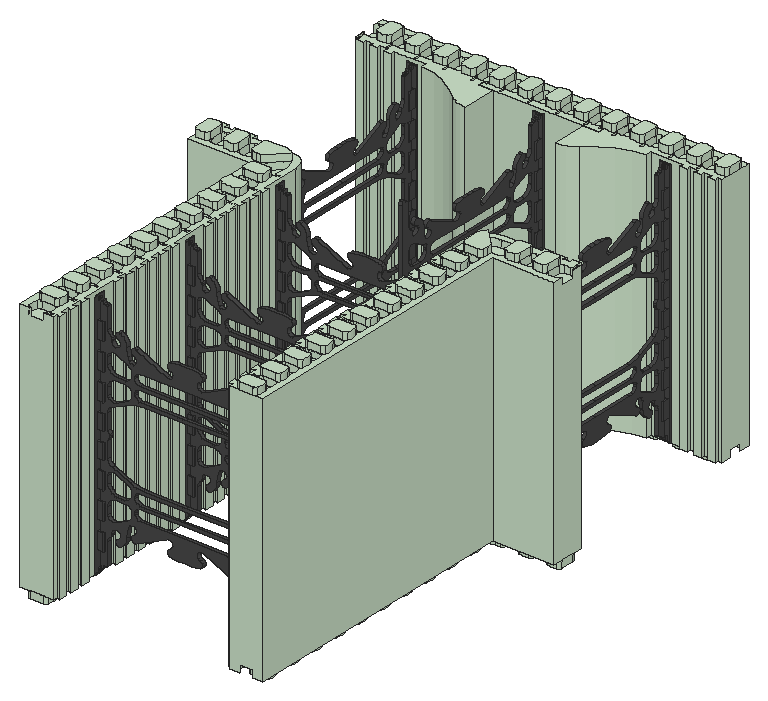
Revit family (continued)
Forms (mm)
  Extrusion 53, void
    sketch origin (1016.001, -152.423, 0) x (0, 1, 0) y (-1, 0, 0)
      loop
        arc (-130.453, 639.396) -> (-128.147, 636.215) -> (-124.411, 635) r 6.35
        line (-124.411, 635) -> (-101.014, 635)
        arc (-101.014, 635) -> (-97.278, 636.215) -> (-94.972, 639.396) r 6.35
        arc (-94.972, 639.396) -> (-93.737, 645.691) -> (-94.024, 652.1) r 26.988
        arc (-94.024, 652.1) -> (-93.668, 653.385) -> (-92.457, 653.946) r 1.588
        line (-92.457, 653.946) -> (-86.829, 653.946) -> (-86.829, 658.285) -> (-95.62, 658.285)
        arc (-95.62, 658.285) -> (-96.199, 658.394) -> (-96.698, 658.708) r 1.588
        arc (-96.698, 658.708) -> (-98.696, 659.961) -> (-101.014, 660.4) r 6.35
        line (-101.014, 660.4) -> (-124.411, 660.4)
        arc (-124.411, 660.4) -> (-128.147, 659.184) -> (-130.453, 656.003) r 6.35
        arc (-130.453, 656.003) -> (-131.763, 647.7) -> (-130.453, 639.396) r 26.987
    from 0 to 12.7
  Extrusion 54, void
    sketch origin (406.401, -0.024, 0) x (0, -1, 0) y (1, 0, 0)
      loop
        arc (-130.453, -639.396) -> (-131.763, -647.7) -> (-130.453, -656.003) r 26.987
        arc (-130.453, -656.003) -> (-128.147, -659.184) -> (-124.411, -660.4) r 6.35
        line (-124.411, -660.4) -> (-101.014, -660.4)
        arc (-101.014, -660.4) -> (-98.696, -659.961) -> (-96.698, -658.708) r 6.35
        arc (-96.698, -658.708) -> (-96.199, -658.394) -> (-95.62, -658.285) r 1.588
        line (-95.62, -658.285) -> (-86.829, -658.285) -> (-86.829, -653.946) -> (-92.457, -653.946)
        arc (-92.457, -653.946) -> (-93.668, -653.385) -> (-94.024, -652.1) r 1.588
        arc (-94.024, -652.1) -> (-93.737, -645.691) -> (-94.972, -639.396) r 26.988
        arc (-94.972, -639.396) -> (-97.278, -636.215) -> (-101.014, -635) r 6.35
        line (-101.014, -635) -> (-124.411, -635)
        arc (-124.411, -635) -> (-128.147, -636.215) -> (-130.453, -639.396) r 6.35
    from 457.2 to 444.5
  Extrusion 55, void
    sketch origin (457.201, -0.024, 0) x (0, -1, 0) y (1, 0, 0)
      loop
        arc (-130.453, -639.396) -> (-131.763, -647.7) -> (-130.453, -656.003) r 26.987
        arc (-130.453, -656.003) -> (-128.147, -659.184) -> (-124.411, -660.4) r 6.35
        line (-124.411, -660.4) -> (-101.014, -660.4)
        arc (-101.014, -660.4) -> (-98.696, -659.961) -> (-96.698, -658.708) r 6.35
        arc (-96.698, -658.708) -> (-96.199, -658.394) -> (-95.62, -658.285) r 1.588
        line (-95.62, -658.285) -> (-86.829, -658.285) -> (-86.829, -653.946) -> (-92.457, -653.946)
        arc (-92.457, -653.946) -> (-93.668, -653.385) -> (-94.024, -652.1) r 1.588
        arc (-94.024, -652.1) -> (-93.737, -645.691) -> (-94.972, -639.396) r 26.988
        arc (-94.972, -639.396) -> (-97.278, -636.215) -> (-101.014, -635) r 6.35
        line (-101.014, -635) -> (-124.411, -635)
        arc (-124.411, -635) -> (-128.147, -636.215) -> (-130.453, -639.396) r 6.35
    from 457.2 to 444.5
  Extrusion 56, void
    sketch origin (508.001, -0.024, 0) x (0, -1, 0) y (1, 0, 0)
      loop
        arc (-130.453, -639.396) -> (-131.763, -647.7) -> (-130.453, -656.003) r 26.987
        arc (-130.453, -656.003) -> (-128.147, -659.184) -> (-124.411, -660.4) r 6.35
        line (-124.411, -660.4) -> (-101.014, -660.4)
        arc (-101.014, -660.4) -> (-98.696, -659.961) -> (-96.698, -658.708) r 6.35
        arc (-96.698, -658.708) -> (-96.199, -658.394) -> (-95.62, -658.285) r 1.588
        line (-95.62, -658.285) -> (-86.829, -658.285) -> (-86.829, -653.946) -> (-92.457, -653.946)
        arc (-92.457, -653.946) -> (-93.668, -653.385) -> (-94.024, -652.1) r 1.588
        arc (-94.024, -652.1) -> (-93.737, -645.691) -> (-94.972, -639.396) r 26.988
        arc (-94.972, -639.396) -> (-97.278, -636.215) -> (-101.014, -635) r 6.35
        line (-101.014, -635) -> (-124.411, -635)
        arc (-124.411, -635) -> (-128.147, -636.215) -> (-130.453, -639.396) r 6.35
    from 457.2 to 444.5
  Extrusion 57, void
    sketch origin (558.801, -0.024, 0) x (0, -1, 0) y (1, 0, 0)
      loop
        arc (-130.453, -639.396) -> (-131.763, -647.7) -> (-130.453, -656.003) r 26.987
        arc (-130.453, -656.003) -> (-128.147, -659.184) -> (-124.411, -660.4) r 6.35
        line (-124.411, -660.4) -> (-101.014, -660.4)
        arc (-101.014, -660.4) -> (-98.696, -659.961) -> (-96.698, -658.708) r 6.35
        arc (-96.698, -658.708) -> (-96.199, -658.394) -> (-95.62, -658.285) r 1.588
        line (-95.62, -658.285) -> (-86.829, -658.285) -> (-86.829, -653.946) -> (-92.457, -653.946)
        arc (-92.457, -653.946) -> (-93.668, -653.385) -> (-94.024, -652.1) r 1.588
        arc (-94.024, -652.1) -> (-93.737, -645.691) -> (-94.972, -639.396) r 26.988
        arc (-94.972, -639.396) -> (-97.278, -636.215) -> (-101.014, -635) r 6.35
        line (-101.014, -635) -> (-124.411, -635)
        arc (-124.411, -635) -> (-128.147, -636.215) -> (-130.453, -639.396) r 6.35
    from 457.2 to 444.5
  Extrusion 58, void
    sketch origin (609.601, -0.024, 0) x (0, -1, 0) y (1, 0, 0)
      loop
        arc (-130.453, -639.396) -> (-131.763, -647.7) -> (-130.453, -656.003) r 26.987
        arc (-130.453, -656.003) -> (-128.147, -659.184) -> (-124.411, -660.4) r 6.35
        line (-124.411, -660.4) -> (-101.014, -660.4)
        arc (-101.014, -660.4) -> (-98.696, -659.961) -> (-96.698, -658.708) r 6.35
        arc (-96.698, -658.708) -> (-96.199, -658.394) -> (-95.62, -658.285) r 1.588
        line (-95.62, -658.285) -> (-86.829, -658.285) -> (-86.829, -653.946) -> (-92.457, -653.946)
        arc (-92.457, -653.946) -> (-93.668, -653.385) -> (-94.024, -652.1) r 1.588
        arc (-94.024, -652.1) -> (-93.737, -645.691) -> (-94.972, -639.396) r 26.988
        arc (-94.972, -639.396) -> (-97.278, -636.215) -> (-101.014, -635) r 6.35
        line (-101.014, -635) -> (-124.411, -635)
        arc (-124.411, -635) -> (-128.147, -636.215) -> (-130.453, -639.396) r 6.35
    from 457.2 to 444.5
  Extrusion 59, void
    sketch origin (762.001, -0.024, 0) x (0, -1, 0) y (1, 0, 0)
      loop
        arc (-130.453, -639.396) -> (-131.763, -647.7) -> (-130.453, -656.003) r 26.987
        arc (-130.453, -656.003) -> (-128.147, -659.184) -> (-124.411, -660.4) r 6.35
        line (-124.411, -660.4) -> (-101.014, -660.4)
        arc (-101.014, -660.4) -> (-98.696, -659.961) -> (-96.698, -658.708) r 6.35
        arc (-96.698, -658.708) -> (-96.199, -658.394) -> (-95.62, -658.285) r 1.588
        line (-95.62, -658.285) -> (-86.829, -658.285) -> (-86.829, -653.946) -> (-92.457, -653.946)
        arc (-92.457, -653.946) -> (-93.668, -653.385) -> (-94.024, -652.1) r 1.588
        arc (-94.024, -652.1) -> (-93.737, -645.691) -> (-94.972, -639.396) r 26.988
        arc (-94.972, -639.396) -> (-97.278, -636.215) -> (-101.014, -635) r 6.35
        line (-101.014, -635) -> (-124.411, -635)
        arc (-124.411, -635) -> (-128.147, -636.215) -> (-130.453, -639.396) r 6.35
    from 457.2 to 444.5
  Extrusion 60, void
    sketch origin (812.801, -0.024, 0) x (0, -1, 0) y (1, 0, 0)
      loop
        arc (-130.453, -639.396) -> (-131.763, -647.7) -> (-130.453, -656.003) r 26.987
        arc (-130.453, -656.003) -> (-128.147, -659.184) -> (-124.411, -660.4) r 6.35
        line (-124.411, -660.4) -> (-101.014, -660.4)
        arc (-101.014, -660.4) -> (-98.696, -659.961) -> (-96.698, -658.708) r 6.35
        arc (-96.698, -658.708) -> (-96.199, -658.394) -> (-95.62, -658.285) r 1.588
        line (-95.62, -658.285) -> (-86.829, -658.285) -> (-86.829, -653.946) -> (-92.457, -653.946)
        arc (-92.457, -653.946) -> (-93.668, -653.385) -> (-94.024, -652.1) r 1.588
        arc (-94.024, -652.1) -> (-93.737, -645.691) -> (-94.972, -639.396) r 26.988
        arc (-94.972, -639.396) -> (-97.278, -636.215) -> (-101.014, -635) r 6.35
        line (-101.014, -635) -> (-124.411, -635)
        arc (-124.411, -635) -> (-128.147, -636.215) -> (-130.453, -639.396) r 6.35
    from 457.2 to 444.5
  Extrusion 61, void
    sketch origin (863.601, -0.024, 0) x (0, -1, 0) y (1, 0, 0)
      loop
        arc (-130.453, -639.396) -> (-131.763, -647.7) -> (-130.453, -656.003) r 26.987
        arc (-130.453, -656.003) -> (-128.147, -659.184) -> (-124.411, -660.4) r 6.35
        line (-124.411, -660.4) -> (-101.014, -660.4)
        arc (-101.014, -660.4) -> (-98.696, -659.961) -> (-96.698, -658.708) r 6.35
        arc (-96.698, -658.708) -> (-96.199, -658.394) -> (-95.62, -658.285) r 1.588
        line (-95.62, -658.285) -> (-86.829, -658.285) -> (-86.829, -653.946) -> (-92.457, -653.946)
        arc (-92.457, -653.946) -> (-93.668, -653.385) -> (-94.024, -652.1) r 1.588
        arc (-94.024, -652.1) -> (-93.737, -645.691) -> (-94.972, -639.396) r 26.988
        arc (-94.972, -639.396) -> (-97.278, -636.215) -> (-101.014, -635) r 6.35
        line (-101.014, -635) -> (-124.411, -635)
        arc (-124.411, -635) -> (-128.147, -636.215) -> (-130.453, -639.396) r 6.35
    from 457.2 to 444.5
  Extrusion 62, void
    sketch origin (914.401, -0.024, 0) x (0, -1, 0) y (1, 0, 0)
      loop
        arc (-130.453, -639.396) -> (-131.763, -647.7) -> (-130.453, -656.003) r 26.987
        arc (-130.453, -656.003) -> (-128.147, -659.184) -> (-124.411, -660.4) r 6.35
        line (-124.411, -660.4) -> (-101.014, -660.4)
        arc (-101.014, -660.4) -> (-98.696, -659.961) -> (-96.698, -658.708) r 6.35
        arc (-96.698, -658.708) -> (-96.199, -658.394) -> (-95.62, -658.285) r 1.588
        line (-95.62, -658.285) -> (-86.829, -658.285) -> (-86.829, -653.946) -> (-92.457, -653.946)
        arc (-92.457, -653.946) -> (-93.668, -653.385) -> (-94.024, -652.1) r 1.588
        arc (-94.024, -652.1) -> (-93.737, -645.691) -> (-94.972, -639.396) r 26.988
        arc (-94.972, -639.396) -> (-97.278, -636.215) -> (-101.014, -635) r 6.35
        line (-101.014, -635) -> (-124.411, -635)
        arc (-124.411, -635) -> (-128.147, -636.215) -> (-130.453, -639.396) r 6.35
    from 457.2 to 444.5
  Extrusion 63, void
    sketch origin (-863.598, -0.024, 0) x (0, -1, 0) y (1, 0, 0)
      loop
        arc (-130.453, 639.396) -> (-128.147, 636.215) -> (-124.411, 635) r 6.35
        line (-124.411, 635) -> (-101.014, 635)
        arc (-101.014, 635) -> (-97.278, 636.215) -> (-94.972, 639.396) r 6.35
        arc (-94.972, 639.396) -> (-93.737, 645.691) -> (-94.024, 652.1) r 26.988
        arc (-94.024, 652.1) -> (-93.668, 653.385) -> (-92.457, 653.946) r 1.588
        line (-92.457, 653.946) -> (-86.829, 653.946) -> (-86.829, 658.285) -> (-95.62, 658.285)
        arc (-95.62, 658.285) -> (-96.199, 658.394) -> (-96.698, 658.708) r 1.588
        arc (-96.698, 658.708) -> (-98.696, 659.961) -> (-101.014, 660.4) r 6.35
        line (-101.014, 660.4) -> (-124.411, 660.4)
        arc (-124.411, 660.4) -> (-128.147, 659.184) -> (-130.453, 656.003) r 6.35
        arc (-130.453, 656.003) -> (-131.763, 647.7) -> (-130.453, 639.396) r 26.987
    from 0 to 12.7
  Extrusion 64, void
    sketch origin (-812.798, -0.024, 0) x (0, -1, 0) y (1, 0, 0)
      loop
        arc (-130.453, 639.396) -> (-128.147, 636.215) -> (-124.411, 635) r 6.35
        line (-124.411, 635) -> (-101.014, 635)
        arc (-101.014, 635) -> (-97.278, 636.215) -> (-94.972, 639.396) r 6.35
        arc (-94.972, 639.396) -> (-93.737, 645.691) -> (-94.024, 652.1) r 26.988
        arc (-94.024, 652.1) -> (-93.668, 653.385) -> (-92.457, 653.946) r 1.588
        line (-92.457, 653.946) -> (-86.829, 653.946) -> (-86.829, 658.285) -> (-95.62, 658.285)
        arc (-95.62, 658.285) -> (-96.199, 658.394) -> (-96.698, 658.708) r 1.588
        arc (-96.698, 658.708) -> (-98.696, 659.961) -> (-101.014, 660.4) r 6.35
        line (-101.014, 660.4) -> (-124.411, 660.4)
        arc (-124.411, 660.4) -> (-128.147, 659.184) -> (-130.453, 656.003) r 6.35
        arc (-130.453, 656.003) -> (-131.763, 647.7) -> (-130.453, 639.396) r 26.987
    from 0 to 12.7
  Extrusion 65, void
    sketch origin (-761.998, -0.024, 0) x (0, -1, 0) y (1, 0, 0)
      loop
        arc (-130.453, 639.396) -> (-128.147, 636.215) -> (-124.411, 635) r 6.35
        line (-124.411, 635) -> (-101.014, 635)
        arc (-101.014, 635) -> (-97.278, 636.215) -> (-94.972, 639.396) r 6.35
        arc (-94.972, 639.396) -> (-93.737, 645.691) -> (-94.024, 652.1) r 26.988
        arc (-94.024, 652.1) -> (-93.668, 653.385) -> (-92.457, 653.946) r 1.588
        line (-92.457, 653.946) -> (-86.829, 653.946) -> (-86.829, 658.285) -> (-95.62, 658.285)
        arc (-95.62, 658.285) -> (-96.199, 658.394) -> (-96.698, 658.708) r 1.588
        arc (-96.698, 658.708) -> (-98.696, 659.961) -> (-101.014, 660.4) r 6.35
        line (-101.014, 660.4) -> (-124.411, 660.4)
        arc (-124.411, 660.4) -> (-128.147, 659.184) -> (-130.453, 656.003) r 6.35
        arc (-130.453, 656.003) -> (-131.763, 647.7) -> (-130.453, 639.396) r 26.987
    from 0 to 12.7
  Extrusion 66, void
    sketch origin (-711.198, -0.024, 0) x (0, -1, 0) y (1, 0, 0)
      loop
        arc (-130.453, 639.396) -> (-128.147, 636.215) -> (-124.411, 635) r 6.35
        line (-124.411, 635) -> (-101.014, 635)
        arc (-101.014, 635) -> (-97.278, 636.215) -> (-94.972, 639.396) r 6.35
        arc (-94.972, 639.396) -> (-93.737, 645.691) -> (-94.024, 652.1) r 26.988
        arc (-94.024, 652.1) -> (-93.668, 653.385) -> (-92.457, 653.946) r 1.588
        line (-92.457, 653.946) -> (-86.829, 653.946) -> (-86.829, 658.285) -> (-95.62, 658.285)
        arc (-95.62, 658.285) -> (-96.199, 658.394) -> (-96.698, 658.708) r 1.588
        arc (-96.698, 658.708) -> (-98.696, 659.961) -> (-101.014, 660.4) r 6.35
        line (-101.014, 660.4) -> (-124.411, 660.4)
        arc (-124.411, 660.4) -> (-128.147, 659.184) -> (-130.453, 656.003) r 6.35
        arc (-130.453, 656.003) -> (-131.763, 647.7) -> (-130.453, 639.396) r 26.987
    from 0 to 12.7
  Extrusion 67, void
    sketch origin (-507.998, -0.024, 0) x (0, -1, 0) y (1, 0, 0)
      loop
        arc (-130.453, 639.396) -> (-128.147, 636.215) -> (-124.411, 635) r 6.35
        line (-124.411, 635) -> (-101.014, 635)
        arc (-101.014, 635) -> (-97.278, 636.215) -> (-94.972, 639.396) r 6.35
        arc (-94.972, 639.396) -> (-93.737, 645.691) -> (-94.024, 652.1) r 26.988
        arc (-94.024, 652.1) -> (-93.668, 653.385) -> (-92.457, 653.946) r 1.588
        line (-92.457, 653.946) -> (-86.829, 653.946) -> (-86.829, 658.285) -> (-95.62, 658.285)
        arc (-95.62, 658.285) -> (-96.199, 658.394) -> (-96.698, 658.708) r 1.588
        arc (-96.698, 658.708) -> (-98.696, 659.961) -> (-101.014, 660.4) r 6.35
        line (-101.014, 660.4) -> (-124.411, 660.4)
        arc (-124.411, 660.4) -> (-128.147, 659.184) -> (-130.453, 656.003) r 6.35
        arc (-130.453, 656.003) -> (-131.763, 647.7) -> (-130.453, 639.396) r 26.987
    from 0 to 12.7
  Extrusion 68, void
    sketch origin (-457.198, -0.024, 0) x (0, -1, 0) y (1, 0, 0)
      loop
        arc (-130.453, 639.396) -> (-128.147, 636.215) -> (-124.411, 635) r 6.35
        line (-124.411, 635) -> (-101.014, 635)
        arc (-101.014, 635) -> (-97.278, 636.215) -> (-94.972, 639.396) r 6.35
        arc (-94.972, 639.396) -> (-93.737, 645.691) -> (-94.024, 652.1) r 26.988
        arc (-94.024, 652.1) -> (-93.668, 653.385) -> (-92.457, 653.946) r 1.588
        line (-92.457, 653.946) -> (-86.829, 653.946) -> (-86.829, 658.285) -> (-95.62, 658.285)
        arc (-95.62, 658.285) -> (-96.199, 658.394) -> (-96.698, 658.708) r 1.588
        arc (-96.698, 658.708) -> (-98.696, 659.961) -> (-101.014, 660.4) r 6.35
        line (-101.014, 660.4) -> (-124.411, 660.4)
        arc (-124.411, 660.4) -> (-128.147, 659.184) -> (-130.453, 656.003) r 6.35
        arc (-130.453, 656.003) -> (-131.763, 647.7) -> (-130.453, 639.396) r 26.987
    from 0 to 12.7
  Extrusion 69, void
    sketch origin (-406.398, -0.024, 0) x (0, -1, 0) y (1, 0, 0)
      loop
        arc (-130.453, 639.396) -> (-128.147, 636.215) -> (-124.411, 635) r 6.35
        line (-124.411, 635) -> (-101.014, 635)
        arc (-101.014, 635) -> (-97.278, 636.215) -> (-94.972, 639.396) r 6.35
        arc (-94.972, 639.396) -> (-93.737, 645.691) -> (-94.024, 652.1) r 26.988
        arc (-94.024, 652.1) -> (-93.668, 653.385) -> (-92.457, 653.946) r 1.588
        line (-92.457, 653.946) -> (-86.829, 653.946) -> (-86.829, 658.285) -> (-95.62, 658.285)
        arc (-95.62, 658.285) -> (-96.199, 658.394) -> (-96.698, 658.708) r 1.588
        arc (-96.698, 658.708) -> (-98.696, 659.961) -> (-101.014, 660.4) r 6.35
        line (-101.014, 660.4) -> (-124.411, 660.4)
        arc (-124.411, 660.4) -> (-128.147, 659.184) -> (-130.453, 656.003) r 6.35
        arc (-130.453, 656.003) -> (-131.763, 647.7) -> (-130.453, 639.396) r 26.987
    from 0 to 12.7
  Extrusion 70, void
    sketch origin (-355.598, -0.024, 0) x (0, -1, 0) y (1, 0, 0)
      loop
        arc (-130.453, 639.396) -> (-128.147, 636.215) -> (-124.411, 635) r 6.35
        line (-124.411, 635) -> (-101.014, 635)
        arc (-101.014, 635) -> (-97.278, 636.215) -> (-94.972, 639.396) r 6.35
        arc (-94.972, 639.396) -> (-93.737, 645.691) -> (-94.024, 652.1) r 26.988
        arc (-94.024, 652.1) -> (-93.668, 653.385) -> (-92.457, 653.946) r 1.588
        line (-92.457, 653.946) -> (-86.829, 653.946) -> (-86.829, 658.285) -> (-95.62, 658.285)
        arc (-95.62, 658.285) -> (-96.199, 658.394) -> (-96.698, 658.708) r 1.588
        arc (-96.698, 658.708) -> (-98.696, 659.961) -> (-101.014, 660.4) r 6.35
        line (-101.014, 660.4) -> (-124.411, 660.4)
        arc (-124.411, 660.4) -> (-128.147, 659.184) -> (-130.453, 656.003) r 6.35
        arc (-130.453, 656.003) -> (-131.763, 647.7) -> (-130.453, 639.396) r 26.987
    from 0 to 12.7
  Extrusion 71, solid, material "NUDURA Expanded Polystyrene Foam Insulation"
    sketch origin (152.401, -152.424, 0) x (1, 0, 0) y (0, 1, 0)
      loop
        arc (101.102, -101.102) -> (95.596, -109.342) -> (93.663, -119.062) r 25.4
        line (93.663, -119.062) -> (93.663, -139.7)
        arc (93.663, -139.7) -> (93.992, -143.903) -> (94.972, -148.003) r 26.987
        arc (94.972, -148.003) -> (97.278, -151.184) -> (101.014, -152.4) r 6.35
        line (101.014, -152.4) -> (124.411, -152.4)
        arc (124.411, -152.4) -> (128.147, -151.184) -> (130.453, -148.003) r 6.35
        arc (130.453, -148.003) -> (131.433, -143.903) -> (131.763, -139.7) r 26.988
        line (131.763, -139.7) -> (131.763, -131.762) -> (101.102, -101.102)
    from 457.2 to 469.9
  Extrusion 72, solid, material "NUDURA Expanded Polystyrene Foam Insulation"
    sketch origin (0.001, -152.424, 0) x (1, 0, 0) y (0, 1, 0)
      loop
        line (-119.063, -93.662) -> (-139.7, -93.662)
        arc (-139.7, -93.662) -> (-143.903, -93.991) -> (-148.004, -94.971) r 26.987
        arc (-148.004, -94.971) -> (-151.185, -97.277) -> (-152.4, -101.013) r 6.35
        line (-152.4, -101.013) -> (-152.4, -124.411)
        arc (-152.4, -124.411) -> (-151.185, -128.147) -> (-148.004, -130.453) r 6.35
        arc (-148.004, -130.453) -> (-143.903, -131.433) -> (-139.7, -131.762) r 26.987
        line (-139.7, -131.762) -> (-131.763, -131.762) -> (-101.102, -101.102)
        arc (-101.102, -101.102) -> (-109.342, -95.595) -> (-119.063, -93.662) r 25.4
    from 457.2 to 469.9
  Extrusion 73, solid, material "NUDURA Expanded Polystyrene Foam Insulation"
    sketch origin (0.001, -152.424, 0) x (1, 0, 0) y (0, 1, 0)
      loop
        line (-131.763, -131.762) -> (-131.763, -139.7)
        arc (-131.763, -139.7) -> (-131.433, -143.903) -> (-130.453, -148.003) r 26.987
        arc (-130.453, -148.003) -> (-128.147, -151.184) -> (-124.411, -152.4) r 6.35
        line (-124.411, -152.4) -> (-101.014, -152.4)
        arc (-101.014, -152.4) -> (-97.278, -151.184) -> (-94.972, -148.003) r 6.35
        arc (-94.972, -148.003) -> (-93.992, -143.903) -> (-93.663, -139.7) r 26.987
        line (-93.663, -139.7) -> (-93.663, -119.062)
        arc (-93.663, -119.062) -> (-95.596, -109.342) -> (-101.102, -101.102) r 25.4
        line (-101.102, -101.102) -> (-131.763, -131.762)
    from 0 to -12.7
  Extrusion 74, solid, material "NUDURA Expanded Polystyrene Foam Insulation"
    sketch origin (152.401, -152.424, 0) x (1, 0, 0) y (0, 1, 0)
      loop
        arc (152.4, -101.013) -> (151.185, -97.277) -> (148.004, -94.971) r 6.35
        arc (148.004, -94.971) -> (143.903, -93.991) -> (139.7, -93.662) r 26.987
        line (139.7, -93.662) -> (119.063, -93.662)
        arc (119.063, -93.662) -> (109.342, -95.595) -> (101.102, -101.102) r 25.4
        line (101.102, -101.102) -> (131.763, -131.762) -> (139.7, -131.762)
        arc (139.7, -131.762) -> (143.903, -131.433) -> (148.004, -130.453) r 26.988
        arc (148.004, -130.453) -> (151.185, -128.147) -> (152.4, -124.411) r 6.35
        line (152.4, -124.411) -> (152.4, -101.013)
    from 0 to -12.7
  Extrusion 75, void
    sketch origin (-558.798, -0.024, 0) x (0, -1, 0) y (1, 0, 0)
      loop
        arc (-130.453, 639.396) -> (-128.147, 636.215) -> (-124.411, 635) r 6.35
        line (-124.411, 635) -> (-101.014, 635)
        arc (-101.014, 635) -> (-97.278, 636.215) -> (-94.972, 639.396) r 6.35
        arc (-94.972, 639.396) -> (-93.737, 645.691) -> (-94.024, 652.1) r 26.988
        arc (-94.024, 652.1) -> (-93.668, 653.385) -> (-92.457, 653.946) r 1.588
        line (-92.457, 653.946) -> (-86.829, 653.946) -> (-86.829, 658.285) -> (-95.62, 658.285)
        arc (-95.62, 658.285) -> (-96.199, 658.394) -> (-96.698, 658.708) r 1.588
        arc (-96.698, 658.708) -> (-98.696, 659.961) -> (-101.014, 660.4) r 6.35
        line (-101.014, 660.4) -> (-124.411, 660.4)
        arc (-124.411, 660.4) -> (-128.147, 659.184) -> (-130.453, 656.003) r 6.35
        arc (-130.453, 656.003) -> (-131.763, 647.7) -> (-130.453, 639.396) r 26.987
    from 0 to 12.7
  Extrusion 76, solid, material "NUDURA Expanded Polystyrene Foam Insulation"
    sketch origin (0.001, -0.024, 0) x (1, 0, 0) y (0, 1, 0)
      loop
        line (-31.75, 142.875) -> (-31.75, 131.479) -> (-25.4, 133.18) -> (-25.4, 117.763) -> (-31.75, 119.346) -> (-31.75, 106.079) -> (-25.4, 107.78) -> (-25.4, 92.363) -> (-31.75, 93.946) -> (-31.75, 82.55) -> (184.15, 82.55) -> (184.15, 93.946) -> (177.8, 92.363) -> (177.8, 107.78) -> (184.15, 106.079) -> (184.15, 119.346) -> (177.8, 117.763) -> (177.8, 133.18) -> (184.15, 131.479) -> (184.15, 142.875) -> (-31.75, 142.875)
    from 0 to 457.2
  Extrusion 77, void
    sketch origin (660.401, -0.024, 0) x (0, -1, 0) y (1, 0, 0)
      loop
        arc (-130.453, -639.396) -> (-131.763, -647.7) -> (-130.453, -656.003) r 26.987
        arc (-130.453, -656.003) -> (-128.147, -659.184) -> (-124.411, -660.4) r 6.35
        line (-124.411, -660.4) -> (-101.014, -660.4)
        arc (-101.014, -660.4) -> (-98.696, -659.961) -> (-96.698, -658.708) r 6.35
        arc (-96.698, -658.708) -> (-96.199, -658.394) -> (-95.62, -658.285) r 1.588
        line (-95.62, -658.285) -> (-86.829, -658.285) -> (-86.829, -653.946) -> (-92.457, -653.946)
        arc (-92.457, -653.946) -> (-93.668, -653.385) -> (-94.024, -652.1) r 1.588
        arc (-94.024, -652.1) -> (-93.737, -645.691) -> (-94.972, -639.396) r 26.988
        arc (-94.972, -639.396) -> (-97.278, -636.215) -> (-101.014, -635) r 6.35
        line (-101.014, -635) -> (-124.411, -635)
        arc (-124.411, -635) -> (-128.147, -636.215) -> (-130.453, -639.396) r 6.35
    from 457.2 to 444.5
  Extrusion 78, void
    sketch origin (711.201, -0.024, 0) x (0, -1, 0) y (1, 0, 0)
      loop
        arc (-130.453, -639.396) -> (-131.763, -647.7) -> (-130.453, -656.003) r 26.987
        arc (-130.453, -656.003) -> (-128.147, -659.184) -> (-124.411, -660.4) r 6.35
        line (-124.411, -660.4) -> (-101.014, -660.4)
        arc (-101.014, -660.4) -> (-98.696, -659.961) -> (-96.698, -658.708) r 6.35
        arc (-96.698, -658.708) -> (-96.199, -658.394) -> (-95.62, -658.285) r 1.588
        line (-95.62, -658.285) -> (-86.829, -658.285) -> (-86.829, -653.946) -> (-92.457, -653.946)
        arc (-92.457, -653.946) -> (-93.668, -653.385) -> (-94.024, -652.1) r 1.588
        arc (-94.024, -652.1) -> (-93.737, -645.691) -> (-94.972, -639.396) r 26.988
        arc (-94.972, -639.396) -> (-97.278, -636.215) -> (-101.014, -635) r 6.35
        line (-101.014, -635) -> (-124.411, -635)
        arc (-124.411, -635) -> (-128.147, -636.215) -> (-130.453, -639.396) r 6.35
    from 457.2 to 444.5
  Extrusion 79, void
    sketch origin (-609.598, -0.024, 0) x (0, -1, 0) y (1, 0, 0)
      loop
        arc (-130.453, 639.396) -> (-128.147, 636.215) -> (-124.411, 635) r 6.35
        line (-124.411, 635) -> (-101.014, 635)
        arc (-101.014, 635) -> (-97.278, 636.215) -> (-94.972, 639.396) r 6.35
        arc (-94.972, 639.396) -> (-93.737, 645.691) -> (-94.024, 652.1) r 26.988
        arc (-94.024, 652.1) -> (-93.668, 653.385) -> (-92.457, 653.946) r 1.588
        line (-92.457, 653.946) -> (-86.829, 653.946) -> (-86.829, 658.285) -> (-95.62, 658.285)
        arc (-95.62, 658.285) -> (-96.199, 658.394) -> (-96.698, 658.708) r 1.588
        arc (-96.698, 658.708) -> (-98.696, 659.961) -> (-101.014, 660.4) r 6.35
        line (-101.014, 660.4) -> (-124.411, 660.4)
        arc (-124.411, 660.4) -> (-128.147, 659.184) -> (-130.453, 656.003) r 6.35
        arc (-130.453, 656.003) -> (-131.763, 647.7) -> (-130.453, 639.396) r 26.987
    from 0 to 12.7
  Extrusion 80, void
    sketch origin (-660.398, -0.024, 0) x (0, -1, 0) y (1, 0, 0)
      loop
        arc (-130.453, 639.396) -> (-128.147, 636.215) -> (-124.411, 635) r 6.35
        line (-124.411, 635) -> (-101.014, 635)
        arc (-101.014, 635) -> (-97.278, 636.215) -> (-94.972, 639.396) r 6.35
        arc (-94.972, 639.396) -> (-93.737, 645.691) -> (-94.024, 652.1) r 26.988
        arc (-94.024, 652.1) -> (-93.668, 653.385) -> (-92.457, 653.946) r 1.588
        line (-92.457, 653.946) -> (-86.829, 653.946) -> (-86.829, 658.285) -> (-95.62, 658.285)
        arc (-95.62, 658.285) -> (-96.199, 658.394) -> (-96.698, 658.708) r 1.588
        arc (-96.698, 658.708) -> (-98.696, 659.961) -> (-101.014, 660.4) r 6.35
        line (-101.014, 660.4) -> (-124.411, 660.4)
        arc (-124.411, 660.4) -> (-128.147, 659.184) -> (-130.453, 656.003) r 6.35
        arc (-130.453, 656.003) -> (-131.763, 647.7) -> (-130.453, 639.396) r 26.987
    from 0 to 12.7
  Extrusion 81, void
    sketch origin (965.201, -0.024, 0) x (0, -1, 0) y (1, 0, 0)
      loop
        arc (-130.453, -639.396) -> (-131.763, -647.7) -> (-130.453, -656.003) r 26.987
        arc (-130.453, -656.003) -> (-128.147, -659.184) -> (-124.411, -660.4) r 6.35
        line (-124.411, -660.4) -> (-101.014, -660.4)
        arc (-101.014, -660.4) -> (-98.696, -659.961) -> (-96.698, -658.708) r 6.35
        arc (-96.698, -658.708) -> (-96.199, -658.394) -> (-95.62, -658.285) r 1.588
        line (-95.62, -658.285) -> (-86.829, -658.285) -> (-86.829, -653.946) -> (-92.457, -653.946)
        arc (-92.457, -653.946) -> (-93.668, -653.385) -> (-94.024, -652.1) r 1.588
        arc (-94.024, -652.1) -> (-93.737, -645.691) -> (-94.972, -639.396) r 26.988
        arc (-94.972, -639.396) -> (-97.278, -636.215) -> (-101.014, -635) r 6.35
        line (-101.014, -635) -> (-124.411, -635)
        arc (-124.411, -635) -> (-128.147, -636.215) -> (-130.453, -639.396) r 6.35
    from 457.2 to 444.5
  Extrusion 82, void
    sketch origin (-304.798, -0.024, 0) x (0, -1, 0) y (1, 0, 0)
      loop
        arc (-130.453, 639.396) -> (-128.147, 636.215) -> (-124.411, 635) r 6.35
        line (-124.411, 635) -> (-101.014, 635)
        arc (-101.014, 635) -> (-97.278, 636.215) -> (-94.972, 639.396) r 6.35
        arc (-94.972, 639.396) -> (-93.737, 645.691) -> (-94.024, 652.1) r 26.988
        arc (-94.024, 652.1) -> (-93.668, 653.385) -> (-92.457, 653.946) r 1.588
        line (-92.457, 653.946) -> (-86.829, 653.946) -> (-86.829, 658.285) -> (-95.62, 658.285)
        arc (-95.62, 658.285) -> (-96.199, 658.394) -> (-96.698, 658.708) r 1.588
        arc (-96.698, 658.708) -> (-98.696, 659.961) -> (-101.014, 660.4) r 6.35
        line (-101.014, 660.4) -> (-124.411, 660.4)
        arc (-124.411, 660.4) -> (-128.147, 659.184) -> (-130.453, 656.003) r 6.35
        arc (-130.453, 656.003) -> (-131.763, 647.7) -> (-130.453, 639.396) r 26.987
    from 0 to 12.7
  Extrusion 83, void
    sketch origin (1016.001, -0.024, 0) x (0, -1, 0) y (1, 0, 0)
      loop
        arc (-130.453, -639.396) -> (-131.763, -647.7) -> (-130.453, -656.003) r 26.987
        arc (-130.453, -656.003) -> (-128.147, -659.184) -> (-124.411, -660.4) r 6.35
        line (-124.411, -660.4) -> (-101.014, -660.4)
        arc (-101.014, -660.4) -> (-98.696, -659.961) -> (-96.698, -658.708) r 6.35
        arc (-96.698, -658.708) -> (-96.199, -658.394) -> (-95.62, -658.285) r 1.588
        line (-95.62, -658.285) -> (-86.829, -658.285) -> (-86.829, -653.946) -> (-92.457, -653.946)
        arc (-92.457, -653.946) -> (-93.668, -653.385) -> (-94.024, -652.1) r 1.588
        arc (-94.024, -652.1) -> (-93.737, -645.691) -> (-94.972, -639.396) r 26.988
        arc (-94.972, -639.396) -> (-97.278, -636.215) -> (-101.014, -635) r 6.35
        line (-101.014, -635) -> (-124.411, -635)
        arc (-124.411, -635) -> (-128.147, -636.215) -> (-130.453, -639.396) r 6.35
    from 457.2 to 444.5
  Extrusion 84, void
    sketch origin (-253.998, -0.024, 0) x (0, -1, 0) y (1, 0, 0)
      loop
        arc (-130.453, 639.396) -> (-128.147, 636.215) -> (-124.411, 635) r 6.35
        line (-124.411, 635) -> (-101.014, 635)
        arc (-101.014, 635) -> (-97.278, 636.215) -> (-94.972, 639.396) r 6.35
        arc (-94.972, 639.396) -> (-93.737, 645.691) -> (-94.024, 652.1) r 26.988
        arc (-94.024, 652.1) -> (-93.668, 653.385) -> (-92.457, 653.946) r 1.588
        line (-92.457, 653.946) -> (-86.829, 653.946) -> (-86.829, 658.285) -> (-95.62, 658.285)
        arc (-95.62, 658.285) -> (-96.199, 658.394) -> (-96.698, 658.708) r 1.588
        arc (-96.698, 658.708) -> (-98.696, 659.961) -> (-101.014, 660.4) r 6.35
        line (-101.014, 660.4) -> (-124.411, 660.4)
        arc (-124.411, 660.4) -> (-128.147, 659.184) -> (-130.453, 656.003) r 6.35
        arc (-130.453, 656.003) -> (-131.763, 647.7) -> (-130.453, 639.396) r 26.987
    from 0 to 12.7
  Extrusion 85, void
    sketch origin (609.601, -0.024, 0) x (0, -1, 0) y (1, 0, 0)
      loop
        arc (-130.453, -639.396) -> (-131.763, -647.7) -> (-130.453, -656.003) r 26.987
        arc (-130.453, -656.003) -> (-128.147, -659.184) -> (-124.411, -660.4) r 6.35
        line (-124.411, -660.4) -> (-101.014, -660.4)
        arc (-101.014, -660.4) -> (-98.696, -659.961) -> (-96.698, -658.708) r 6.35
        arc (-96.698, -658.708) -> (-96.199, -658.394) -> (-95.62, -658.285) r 1.588
        line (-95.62, -658.285) -> (-86.829, -658.285) -> (-86.829, -653.946) -> (-92.457, -653.946)
        arc (-92.457, -653.946) -> (-93.668, -653.385) -> (-94.024, -652.1) r 1.588
        arc (-94.024, -652.1) -> (-93.737, -645.691) -> (-94.972, -639.396) r 26.988
        arc (-94.972, -639.396) -> (-97.278, -636.215) -> (-101.014, -635) r 6.35
        line (-101.014, -635) -> (-124.411, -635)
        arc (-124.411, -635) -> (-128.147, -636.215) -> (-130.453, -639.396) r 6.35
    from 457.2 to 444.5
Cuts and joins
  Extrusion 2, Extrusion 3, Extrusion 4, Extrusion 5, Extrusion 6, Extrusion 7, Extrusion 8, Extrusion 9, Extrusion 10, Extrusion 11, Extrusion 12, Extrusion 13, Extrusion 14, Extrusion 15, Extrusion 16, Extrusion 17, Extrusion 18, Extrusion 19, Extrusion 20, Extrusion 21, Extrusion 22, Extrusion 23, Extrusion 24, Extrusion 25, Extrusion 26, Extrusion 27, Extrusion 28, Extrusion 29, Extrusion 30, Extrusion 31, Extrusion 32, Extrusion 33, Extrusion 34, Extrusion 35, Extrusion 36, Extrusion 37, Extrusion 38, Extrusion 39, Extrusion 40, Extrusion 41, Extrusion 42, Extrusion 43, Extrusion 44, Extrusion 45, Extrusion 46, Extrusion 47, Extrusion 48, Extrusion 49, Extrusion 50, Extrusion 51, Extrusion 52, Extrusion 53, Extrusion 54, Extrusion 55, Extrusion 56, Extrusion 57, Extrusion 61, Extrusion 62, Extrusion 63, Extrusion 64, Extrusion 65, Extrusion 66, Extrusion 68, Extrusion 69, Extrusion 70, Extrusion 81, Extrusion 82, Extrusion 83, Extrusion 84, Extrusion 85 cuts Extrusion 1
  Extrusion 12 cuts Extrusion 72
  Extrusion 24 cuts Extrusion 73
  Extrusion 37 cuts Extrusion 71
  Extrusion 51 cuts Extrusion 74
  Extrusion 58, Extrusion 59, Extrusion 60, Extrusion 67, Extrusion 75, Extrusion 77, Extrusion 78, Extrusion 79, Extrusion 80 cuts Extrusion 76
Lines and regions (mm)
  model lines
    curve 1: line (-142.874, -558.823, 457.2) -> (-142.874, -558.823, 0)
    curve 2: line (-50.799, 142.852, 457.2) -> (-50.799, 142.852, 0)
    curve 3: line (-142.874, -609.623, 0) -> (-142.874, -609.623, 457.2)
Dimensions and locks
  aligned and locked: level to plane 2
  aligned and locked: Extrusion 1 to level
  aligned and locked: nested 78 to nested 72
Nested families
  nested 1: "Interlock Tooth" at (152.401, -812.823, 0) x (0, 1, 0) z (0, 0, 1), type "Interlock Tooth"
  nested 2: "Interlock Tooth" at (152.401, -762.023, 0) x (0, 1, 0) z (0, 0, 1), type "Interlock Tooth"
  nested 3: "Interlock Tooth" at (152.401, -711.223, 0) x (0, 1, 0) z (0, 0, 1), type "Interlock Tooth"
  nested 4: "Interlock Tooth" at (152.401, -660.423, 0) x (0, 1, 0) z (0, 0, 1), type "Interlock Tooth"
  nested 5: "Interlock Tooth" at (152.401, -609.623, 0) x (0, 1, 0) z (0, 0, 1), type "Interlock Tooth"
  nested 6: "Interlock Tooth" at (152.401, -558.823, 0) x (0, 1, 0) z (0, 0, 1), type "Interlock Tooth"
  nested 7: "Interlock Tooth" at (152.401, -508.023, 0) x (0, 1, 0) z (0, 0, 1), type "Interlock Tooth"
  nested 8: "Interlock Tooth" at (152.401, -457.223, 0) x (0, 1, 0) z (0, 0, 1), type "Interlock Tooth"
  nested 9: "Interlock Tooth" at (152.401, -406.423, 0) x (0, 1, 0) z (0, 0, 1), type "Interlock Tooth"
  nested 10: "Interlock Tooth" at (152.401, -355.623, 0) x (0, 1, 0) z (0, 0, 1), type "Interlock Tooth"
  nested 11: "Interlock Tooth" at (0.001, -787.423, 0) x (0, 1, 0) z (0, 0, 1), type "Interlock Tooth"
  nested 12: "Interlock Tooth" at (0.001, -736.623, 0) x (0, 1, 0) z (0, 0, 1), type "Interlock Tooth"
  nested 13: "Interlock Tooth" at (0.001, -685.823, 0) x (0, 1, 0) z (0, 0, 1), type "Interlock Tooth"
  nested 14: "Interlock Tooth" at (0.001, -635.023, 0) x (0, 1, 0) z (0, 0, 1), type "Interlock Tooth"
  nested 15: "Interlock Tooth" at (0.001, -584.223, 0) x (0, 1, 0) z (0, 0, 1), type "Interlock Tooth"
  nested 16: "Interlock Tooth" at (0.001, -533.423, 0) x (0, 1, 0) z (0, 0, 1), type "Interlock Tooth"
  nested 17: "Interlock Tooth" at (0.001, -482.623, 0) x (0, 1, 0) z (0, 0, 1), type "Interlock Tooth"
  nested 18: "Interlock Tooth" at (0.001, -431.823, 0) x (0, 1, 0) z (0, 0, 1), type "Interlock Tooth"
  nested 19: "Interlock Tooth" at (0.001, -381.023, 0) x (0, 1, 0) z (0, 0, 1), type "Interlock Tooth"
  nested 20: "Interlock Tooth" at (0.001, -330.223, 0) x (0, 1, 0) z (0, 0, 1), type "Interlock Tooth"
  nested 21: "Interlock Tooth" at (-253.999, -152.423, 0), type "Interlock Tooth"
  nested 22: "Interlock Tooth" at (-203.199, -152.423, 0), type "Interlock Tooth"
  nested 23: "Interlock Tooth" at (304.801, -152.423, 0), type "Interlock Tooth"
  nested 24: "Interlock Tooth" at (355.601, -152.423, 0), type "Interlock Tooth"
  nested 25: "Interlock Tooth" at (-228.599, -152.423, -469.9), type "Interlock Tooth"
  nested 26: "Interlock Tooth" at (-177.799, -152.423, -469.9), type "Interlock Tooth"
  nested 27: "Interlock Tooth" at (381.001, -152.423, -469.9), type "Interlock Tooth"
  nested 28: "Interlock Tooth" at (330.201, -152.423, -469.9), type "Interlock Tooth"
  nested 29: "Interlock Tooth" at (0.001, -787.423, -469.9) x (0, -1, 0) z (0, 0, 1), type "Interlock Tooth"
  nested 30: "Interlock Tooth" at (0.001, -736.623, -469.9) x (0, -1, 0) z (0, 0, 1), type "Interlock Tooth"
  nested 31: "Interlock Tooth" at (0.001, -685.823, -469.9) x (0, -1, 0) z (0, 0, 1), type "Interlock Tooth"
  nested 32: "Interlock Tooth" at (0.001, -635.023, -469.9) x (0, -1, 0) z (0, 0, 1), type "Interlock Tooth"
  nested 33: "Interlock Tooth" at (0.001, -584.223, -469.9) x (0, -1, 0) z (0, 0, 1), type "Interlock Tooth"
  nested 34: "Interlock Tooth" at (0.001, -533.423, -469.9) x (0, -1, 0) z (0, 0, 1), type "Interlock Tooth"
  nested 35: "Interlock Tooth" at (0.001, -482.623, -469.9) x (0, -1, 0) z (0, 0, 1), type "Interlock Tooth"
  nested 36: "Interlock Tooth" at (0.001, -431.823, -469.9) x (0, -1, 0) z (0, 0, 1), type "Interlock Tooth"
  nested 37: "Interlock Tooth" at (0.001, -381.023, -469.9) x (0, -1, 0) z (0, 0, 1), type "Interlock Tooth"
  nested 38: "Interlock Tooth" at (0.001, -330.223, -469.9) x (0, -1, 0) z (0, 0, 1), type "Interlock Tooth"
  nested 39: "Interlock Tooth" at (152.401, -787.423, -469.9) x (0, 1, 0) z (0, 0, 1), type "Interlock Tooth"
  nested 40: "Interlock Tooth" at (152.401, -736.623, -469.9) x (0, 1, 0) z (0, 0, 1), type "Interlock Tooth"
  nested 41: "Interlock Tooth" at (152.401, -685.823, -469.9) x (0, 1, 0) z (0, 0, 1), type "Interlock Tooth"
  nested 42: "Interlock Tooth" at (152.401, -635.023, -469.9) x (0, 1, 0) z (0, 0, 1), type "Interlock Tooth"
  nested 43: "Interlock Tooth" at (152.401, -584.223, -469.9) x (0, 1, 0) z (0, 0, 1), type "Interlock Tooth"
  nested 44: "Interlock Tooth" at (152.401, -533.423, -469.9) x (0, 1, 0) z (0, 0, 1), type "Interlock Tooth"
  nested 45: "Interlock Tooth" at (152.401, -482.623, -469.9) x (0, 1, 0) z (0, 0, 1), type "Interlock Tooth"
  nested 46: "Interlock Tooth" at (152.401, -431.823, -469.9) x (0, 1, 0) z (0, 0, 1), type "Interlock Tooth"
  nested 47: "Interlock Tooth" at (152.401, -381.023, -469.9) x (0, 1, 0) z (0, 0, 1), type "Interlock Tooth"
  nested 48: "Interlock Tooth" at (152.401, -330.223, -469.9) x (0, 1, 0) z (0, 0, 1), type "Interlock Tooth"
  nested 49: "Interlock Tooth" at (-203.199, -0.024, 0) x (-1, 0, 0) z (0, 0, 1), type "Interlock Tooth"
  nested 50: "Interlock Tooth" at (-228.599, -0.024, -469.9) x (-1, 0, 0) z (0, 0, 1), type "Interlock Tooth"
  nested 51: "Interlock Tooth" at (-152.399, -0.024, 0) x (-1, 0, 0) z (0, 0, 1), type "Interlock Tooth"
  nested 52: "Interlock Tooth" at (-177.799, -0.024, -469.9) x (-1, 0, 0) z (0, 0, 1), type "Interlock Tooth"
  nested 53: "Interlock Tooth" at (-101.599, -0.024, 0) x (-1, 0, 0) z (0, 0, 1), type "Interlock Tooth"
  nested 54: "Interlock Tooth" at (-126.999, -0.024, -469.9) x (-1, 0, 0) z (0, 0, 1), type "Interlock Tooth"
  nested 55: "Interlock Tooth" at (-50.799, -0.024, 0) x (-1, 0, 0) z (0, 0, 1), type "Interlock Tooth"
  nested 56: "Interlock Tooth" at (-76.199, -0.024, -469.9) x (-1, 0, 0) z (0, 0, 1), type "Interlock Tooth"
  nested 57: "Interlock Tooth" at (-25.399, -0.024, -469.9) x (-1, 0, 0) z (0, 0, 1), type "Interlock Tooth"
  nested 58: "Interlock Tooth" at (152.401, -0.024, 0) x (-1, 0, 0) z (0, 0, 1), type "Interlock Tooth"
  nested 59: "Interlock Tooth" at (127.001, -0.024, -469.9) x (-1, 0, 0) z (0, 0, 1), type "Interlock Tooth"
  nested 60: "Interlock Tooth" at (203.201, -0.024, 0) x (-1, 0, 0) z (0, 0, 1), type "Interlock Tooth"
  nested 61: "Interlock Tooth" at (177.801, -0.024, -469.9) x (-1, 0, 0) z (0, 0, 1), type "Interlock Tooth"
  nested 62: "Interlock Tooth" at (254.001, -0.024, 0) x (-1, 0, 0) z (0, 0, 1), type "Interlock Tooth"
  nested 63: "Interlock Tooth" at (228.601, -0.024, -469.9) x (-1, 0, 0) z (0, 0, 1), type "Interlock Tooth"
  nested 64: "Interlock Tooth" at (304.801, -0.024, 0) x (-1, 0, 0) z (0, 0, 1), type "Interlock Tooth"
  nested 65: "Interlock Tooth" at (279.401, -0.024, -469.9) x (-1, 0, 0) z (0, 0, 1), type "Interlock Tooth"
  nested 66: "NUDURA Diamond Pattern" at (438.151, -609.623, 0) x (0, 1, 0) z (0, 0, 1), type "NUDURA Diamond Pattern"
  nested 67: "NUDURA Logo Diamond" at (295.276, -1015.958, 0) x (0, 1, 0) z (0, 0, 1), type "NUDURA Logo Diamond"
  nested 68: "NUDURA Diamond Pattern Missing Two Lines" at (-285.749, -406.423, 0) x (0, 1, 0) z (0, 0, 1), type "NUDURA Diamond Pattern minus Two lines"
  nested 69: "NUDURA Diamond Pattern Missing Two Lines" at (-253.999, -152.424, 0), type "NUDURA Diamond Pattern minus Two lines"
  nested 70: "NUDURA Diamond Pattern Missing Two Lines" at (152.401, -406.423, 0) x (0, 1, 0) z (0, 0, 1), type "NUDURA Diamond Pattern minus Two lines"
  nested 71: "NUDURA Diamond Pattern Missing Two Lines" at (406.401, -438.173, 0) x (-1, 0, 0) z (0, 0, 1), type "NUDURA Diamond Pattern minus Two lines"
  nested 72: "NUDURA Logo Diamond" at (152.336, 142.851, 0) x (-1, 0, 0) z (0, 0, 1), type "NUDURA Logo Diamond"
  nested 73: "Interlock Tooth" at (101.601, -0.024, 0) x (-1, 0, 0) z (0, 0, 1), type "Interlock Tooth"
  nested 74: "Interlock Tooth" at (50.801, -0.024, 0) x (-1, 0, 0) z (0, 0, 1), type "Interlock Tooth"
  nested 75: "Interlock Tooth" at (25.401, -0.024, -469.9) x (-1, 0, 0) z (0, 0, 1), type "Interlock Tooth"
  nested 76: "Interlock Tooth" at (76.201, -0.024, -469.9) x (-1, 0, 0) z (0, 0, 1), type "Interlock Tooth"
  nested 77: "Interlock Tooth" at (0.001, -0.024, 0) x (-1, 0, 0) z (0, 0, 1), type "Interlock Tooth"
  nested 78: "NUDURA Logo Diamond" at (609.536, 142.851, 0) x (-1, 0, 0) z (0, 0, 1), type "NUDURA Logo Diamond"
  nested 79: "NUDURA Diamond Pattern" at (-285.749, -609.623, 0) x (0, 1, 0) z (0, 0, 1), type "NUDURA Diamond Pattern"
  nested 80: "NUDURA Logo Diamond" at (-142.874, -406.488, 0) x (0, -1, 0) z (0, 0, 1), type "NUDURA Logo Diamond"
  nested 81: "Interlock Tooth" at (355.601, -0.024, 0) x (-1, 0, 0) z (0, 0, 1), type "Interlock Tooth"
  nested 82: "Interlock Tooth" at (330.201, -0.024, -469.9) x (-1, 0, 0) z (0, 0, 1), type "Interlock Tooth"
  nested 83: "NUDURA Diamond Pattern" at (203.136, -0.024, 0) x (-1, 0, 0) z (0, 0, 1), type "NUDURA Diamond Pattern"
  nested 84: "Interlock Tooth" at (406.401, -0.024, 0) x (-1, 0, 0) z (0, 0, 1), type "Interlock Tooth"
  nested 85: "Interlock Tooth" at (381.001, -0.024, -469.9) x (-1, 0, 0) z (0, 0, 1), type "Interlock Tooth"
  nested 86: "12-inch Insert Web" at (-152.399, -76.223, 0), type "12-inch Insert Web"
  nested 87: "12-inch Insert Web" at (304.801, -76.223, 0), type "12-inch Insert Web"
  nested 88: "12-inch Insert Web" at (76.201, -508.023, 0) x (0, 1, 0) z (0, 0, 1), type "12-inch Insert Web"
  nested 89: "12-inch Insert Web" at (76.201, -711.223, 0) x (0, 1, 0) z (0, 0, 1), type "12-inch Insert Web"
  nested 90: "12-inch Insert Web" at (76.201, -304.823, 0) x (0, 1, 0) z (0, 0, 1), type "12-inch Insert Web"
  nested 91: "12-inch Insert Web w One Fastening Strip" at (76.201, -76.224, 0) x (-1, 0, 0) z (0, 0, 1), type "12-inch Insert Web w One Fastening Strip"
Definition of nested family "Interlock Tooth"
  Reference planes
    plane 1 "Center (Front/Back)": y = 0
    plane 2: z = 0
    plane 3 "Center (Left/Right)": x = 0
    plane 4: z = 457.2
    plane 5: z = 469.9
    plane 6: z = -12.7
  Forms (mm)
    Extrusion 1, solid, material "NUDURA Expanded Polystyrene Foam Insulation"
      sketch origin (0, -225.425, 0) x (1, 0, 0) y (0, 1, 0)
        loop
          arc (0, 101.014) -> (1.215, 97.278) -> (4.396, 94.972) r 6.35
          arc (4.396, 94.972) -> (12.7, 93.663) -> (21.004, 94.972) r 26.988
          arc (21.004, 94.972) -> (24.185, 97.278) -> (25.4, 101.014) r 6.35
          line (25.4, 101.014) -> (25.4, 124.411)
          arc (25.4, 124.411) -> (24.185, 128.147) -> (21.004, 130.453) r 6.35
          arc (21.004, 130.453) -> (12.7, 131.763) -> (4.396, 130.453) r 26.987
          arc (4.396, 130.453) -> (1.215, 128.147) -> (0, 124.411) r 6.35
          line (0, 124.411) -> (0, 101.014)
      from 457.2 to 469.9
  Dimensions and locks
    locked: plane 4 to level at 457.2
    locked: plane 4 to plane 5 at 12.7
    locked: plane 6 to level at 12.7
Definition of nested family "12-inch Insert Web"
  Reference planes
    plane 1 "Center (Front/Back)": y = 0
    plane 2: z = 0
    plane 3 "Center (Left/Right)": x = 0
  Forms (mm)
    Extrusion 1, solid, material "High Density Polystyrene"
      sketch origin (0, 0, 0) x (0, 1, 0) y (0, 0, 1)
        loop
          line (158.75, 0) -> (158.75, 450.744)
          arc (158.75, 450.744) -> (158.017, 450.243) -> (157.734, 449.4) r 1.397
          line (157.734, 449.4) -> (157.734, 1.344)
          arc (157.734, 1.344) -> (158.017, 0.502) -> (158.75, 0) r 1.397
        loop
          arc (-158.75, 0) -> (-158.017, 0.502) -> (-157.734, 1.344) r 1.397
          line (-157.734, 1.344) -> (-157.734, 449.4)
          arc (-157.734, 449.4) -> (-158.017, 450.243) -> (-158.75, 450.744) r 1.397
          line (-158.75, 450.744) -> (-158.75, 0)
      from 9.227 to -9.227
    Extrusion 2, solid, material "High Density Polystyrene"
      sketch origin (0, 0, 0) x (0, 1, 0) y (0, 0, 1)
        loop
          arc (157.198, 442.16) -> (157.575, 442.021) -> (157.734, 441.652) r 0.508
          line (157.734, 441.652) -> (157.734, 447.972)
          arc (157.734, 447.972) -> (157.629, 447.585) -> (157.342, 447.306) r 0.762
          line (157.342, 447.306) -> (155.586, 446.33)
          arc (155.586, 446.33) -> (155.299, 446.05) -> (155.194, 445.664) r 0.762
          line (155.194, 445.664) -> (155.194, 442.585)
          arc (155.194, 442.585) -> (155.353, 442.216) -> (155.73, 442.078) r 0.508
          line (155.73, 442.078) -> (157.198, 442.16)
        loop
          line (-155.586, 446.33) -> (-157.342, 447.306)
          arc (-157.342, 447.306) -> (-157.629, 447.585) -> (-157.734, 447.972) r 0.762
          line (-157.734, 447.972) -> (-157.734, 441.652)
          arc (-157.734, 441.652) -> (-157.575, 442.021) -> (-157.198, 442.16) r 0.508
          line (-157.198, 442.16) -> (-155.73, 442.078)
          arc (-155.73, 442.078) -> (-155.353, 442.216) -> (-155.194, 442.585) r 0.508
          line (-155.194, 442.585) -> (-155.194, 445.664)
          arc (-155.194, 445.664) -> (-155.299, 446.05) -> (-155.586, 446.33) r 0.762
        loop
          line (157.198, 8.585) -> (155.73, 8.666)
          arc (155.73, 8.666) -> (155.353, 8.528) -> (155.194, 8.159) r 0.508
          line (155.194, 8.159) -> (155.194, 5.08)
          arc (155.194, 5.08) -> (155.299, 4.694) -> (155.586, 4.414) r 0.762
          line (155.586, 4.414) -> (157.342, 3.439)
          arc (157.342, 3.439) -> (157.629, 3.159) -> (157.734, 2.772) r 0.762
          line (157.734, 2.772) -> (157.734, 9.092)
          arc (157.734, 9.092) -> (157.575, 8.723) -> (157.198, 8.585) r 0.508
        loop
          arc (-155.586, 4.414) -> (-155.299, 4.694) -> (-155.194, 5.08) r 0.762
          line (-155.194, 5.08) -> (-155.194, 8.159)
          arc (-155.194, 8.159) -> (-155.353, 8.528) -> (-155.73, 8.666) r 0.508
          line (-155.73, 8.666) -> (-157.198, 8.585)
          arc (-157.198, 8.585) -> (-157.575, 8.723) -> (-157.734, 9.092) r 0.508
          line (-157.734, 9.092) -> (-157.734, 2.772)
          arc (-157.734, 2.772) -> (-157.629, 3.159) -> (-157.342, 3.439) r 0.762
          line (-157.342, 3.439) -> (-155.586, 4.414)
        loop
          line (152.4, 437.076) -> (150.495, 442.918)
          arc (150.495, 442.918) -> (149.225, 443.68) -> (147.955, 442.918) r 1.439
          line (147.955, 442.918) -> (146.713, 439.108) -> (143.483, 439.108)
          arc (143.483, 439.108) -> (142.604, 438.744) -> (142.24, 437.865) r 1.243
          line (142.24, 437.865) -> (142.24, 437.076) -> (139.7, 437.076) -> (139.7, 400.201)
          arc (139.7, 400.201) -> (137.944, 393.421) -> (133.118, 388.345) r 13.97
          arc (133.118, 388.345) -> (131.885, 386.915) -> (131.681, 385.039) r 3.175
          arc (131.681, 385.039) -> (120.376, 376.743) -> (121.202, 390.741) r 7.747
          arc (121.202, 390.741) -> (124.314, 398.005) -> (117.05, 401.117) r 5.588
          arc (117.05, 401.117) -> (108.059, 393.619) -> (105.199, 382.266) r 18.923
          arc (105.199, 382.266) -> (104.091, 371.727) -> (100.821, 361.646) r 50.8
          arc (100.821, 361.646) -> (88.144, 361.552) -> (92.35, 373.51) r 7.747
          arc (92.35, 373.51) -> (96.234, 381.929) -> (87.311, 384.447) r 6.096
          line (87.311, 384.447) -> (33.279, 359.063)
          arc (33.279, 359.063) -> (22.267, 362.762) -> (27.306, 373.229) r 7.747
          arc (27.306, 373.229) -> (31.748, 378.927) -> (27.631, 384.864) r 6.096
          arc (27.631, 384.864) -> (19.507, 386.918) -> (11.157, 387.609) r 50.8
          line (11.157, 387.609) -> (0, 387.609) -> (-11.157, 387.609)
          arc (-11.157, 387.609) -> (-19.507, 386.918) -> (-27.631, 384.864) r 50.8
          arc (-27.631, 384.864) -> (-31.748, 378.927) -> (-27.306, 373.229) r 6.096
          arc (-27.306, 373.229) -> (-22.267, 362.762) -> (-33.279, 359.063) r 7.747
          line (-33.279, 359.063) -> (-87.311, 384.447)
          arc (-87.311, 384.447) -> (-96.234, 381.929) -> (-92.35, 373.51) r 6.096
          arc (-92.35, 373.51) -> (-88.144, 361.552) -> (-100.821, 361.646) r 7.747
          arc (-100.821, 361.646) -> (-104.091, 371.727) -> (-105.199, 382.266) r 50.8
          arc (-105.199, 382.266) -> (-108.059, 393.619) -> (-117.05, 401.117) r 18.923
          arc (-117.05, 401.117) -> (-124.314, 398.005) -> (-121.202, 390.741) r 5.588
          arc (-121.202, 390.741) -> (-120.376, 376.743) -> (-131.681, 385.039) r 7.747
          arc (-131.681, 385.039) -> (-131.885, 386.915) -> (-133.118, 388.345) r 3.175
          arc (-133.118, 388.345) -> (-137.944, 393.421) -> (-139.7, 400.201) r 13.97
          line (-139.7, 400.201) -> (-139.7, 437.076) -> (-142.24, 437.076) -> (-142.24, 437.865)
          arc (-142.24, 437.865) -> (-142.604, 438.744) -> (-143.483, 439.108) r 1.243
          line (-143.483, 439.108) -> (-146.713, 439.108) -> (-147.955, 442.918)
          arc (-147.955, 442.918) -> (-149.225, 443.68) -> (-150.495, 442.918) r 1.439
          line (-150.495, 442.918) -> (-152.4, 437.076) -> (-152.4, 16.896) -> (-150.495, 11.054)
          arc (-150.495, 11.054) -> (-149.225, 10.292) -> (-147.955, 11.054) r 1.439
          line (-147.955, 11.054) -> (-146.713, 14.864) -> (-143.483, 14.864)
          arc (-143.483, 14.864) -> (-142.604, 15.228) -> (-142.24, 16.107) r 1.243
          line (-142.24, 16.107) -> (-142.24, 16.896) -> (-139.7, 16.896) -> (-139.7, 56.999)
          arc (-139.7, 56.999) -> (-137.944, 63.779) -> (-133.118, 68.855) r 13.97
          arc (-133.118, 68.855) -> (-131.885, 70.285) -> (-131.681, 72.161) r 3.175
          arc (-131.681, 72.161) -> (-120.376, 80.457) -> (-121.202, 66.459) r 7.747
          arc (-121.202, 66.459) -> (-124.314, 59.195) -> (-117.05, 56.083) r 5.588
          arc (-117.05, 56.083) -> (-108.059, 63.581) -> (-105.199, 74.934) r 18.923
          arc (-105.199, 74.934) -> (-104.091, 85.473) -> (-100.821, 95.554) r 50.8
          arc (-100.821, 95.554) -> (-88.144, 95.648) -> (-92.35, 83.69) r 7.747
          arc (-92.35, 83.69) -> (-96.234, 75.271) -> (-87.311, 72.753) r 6.096
          line (-87.311, 72.753) -> (-33.279, 98.137)
          arc (-33.279, 98.137) -> (-22.267, 94.438) -> (-27.306, 83.971) r 7.747
          arc (-27.306, 83.971) -> (-31.748, 78.273) -> (-27.631, 72.336) r 6.096
          arc (-27.631, 72.336) -> (-19.507, 70.282) -> (-11.157, 69.591) r 50.8
          line (-11.157, 69.591) -> (0, 69.591) -> (11.157, 69.591)
          arc (11.157, 69.591) -> (19.507, 70.282) -> (27.631, 72.336) r 50.8
          arc (27.631, 72.336) -> (31.748, 78.273) -> (27.306, 83.971) r 6.096
          arc (27.306, 83.971) -> (22.267, 94.438) -> (33.279, 98.137) r 7.747
          line (33.279, 98.137) -> (87.311, 72.753)
          arc (87.311, 72.753) -> (96.234, 75.271) -> (92.35, 83.69) r 6.096
          arc (92.35, 83.69) -> (88.144, 95.648) -> (100.821, 95.554) r 7.747
          arc (100.821, 95.554) -> (104.091, 85.473) -> (105.199, 74.934) r 50.8
          arc (105.199, 74.934) -> (108.059, 63.581) -> (117.05, 56.083) r 18.923
          arc (117.05, 56.083) -> (124.314, 59.195) -> (121.202, 66.459) r 5.588
          arc (121.202, 66.459) -> (120.376, 80.457) -> (131.681, 72.161) r 7.747
          arc (131.681, 72.161) -> (131.885, 70.285) -> (133.118, 68.855) r 3.175
          arc (133.118, 68.855) -> (137.944, 63.779) -> (139.7, 56.999) r 13.97
          line (139.7, 56.999) -> (139.7, 16.896) -> (142.24, 16.896) -> (142.24, 16.107)
          arc (142.24, 16.107) -> (142.604, 15.228) -> (143.483, 14.864) r 1.243
          line (143.483, 14.864) -> (146.713, 14.864) -> (147.955, 11.054)
          arc (147.955, 11.054) -> (149.225, 10.292) -> (150.495, 11.054) r 1.439
          line (150.495, 11.054) -> (152.4, 16.896) -> (152.4, 437.076)
        loop
          arc (76.789, 109.017) -> (80.328, 108.908) -> (83.853, 108.579) r 57.15
          arc (83.853, 108.579) -> (88.43, 112.104) -> (91.44, 117.034) r 15.855
          line (91.44, 117.034) -> (91.44, 120.234)
          arc (91.44, 120.234) -> (87.76, 126.064) -> (81.935, 129.752) r 15.684
          line (81.935, 129.752) -> (0, 129.752) -> (-81.935, 129.752)
          arc (-81.935, 129.752) -> (-87.76, 126.064) -> (-91.44, 120.234) r 15.684
          line (-91.44, 120.234) -> (-91.44, 117.034)
          arc (-91.44, 117.034) -> (-88.43, 112.104) -> (-83.853, 108.579) r 15.855
          arc (-83.853, 108.579) -> (-80.328, 108.908) -> (-76.789, 109.017) r 57.15
          line (-76.789, 109.017) -> (0, 109.017) -> (76.789, 109.017)
        loop
          line (103.837, 102.318) -> (126.138, 91.881)
          arc (126.138, 91.881) -> (135.287, 92.471) -> (139.7, 100.508) r 9.525
          line (139.7, 100.508) -> (139.7, 113.887)
          arc (139.7, 113.887) -> (135.05, 125.112) -> (123.825, 129.762) r 15.875
          line (123.825, 129.762) -> (109.22, 129.762)
          arc (109.22, 129.762) -> (100.24, 126.042) -> (96.52, 117.062) r 12.7
          line (96.52, 117.062) -> (96.52, 113.82)
          arc (96.52, 113.82) -> (98.504, 107.004) -> (103.837, 102.318) r 12.7
        loop
          line (139.7, 150.209) -> (139.7, 163.588)
          arc (139.7, 163.588) -> (135.287, 171.625) -> (126.138, 172.215) r 9.525
          line (126.138, 172.215) -> (103.837, 161.778)
          arc (103.837, 161.778) -> (98.504, 157.092) -> (96.52, 150.275) r 12.7
          line (96.52, 150.275) -> (96.52, 147.034)
          arc (96.52, 147.034) -> (100.24, 138.054) -> (109.22, 134.334) r 12.7
          line (109.22, 134.334) -> (123.825, 134.334)
          arc (123.825, 134.334) -> (135.05, 138.984) -> (139.7, 150.209) r 15.875
        loop
          arc (83.851, 155.504) -> (80.337, 155.178) -> (76.81, 155.069) r 57.15
          line (76.81, 155.069) -> (0, 155.069) -> (-76.81, 155.069)
          arc (-76.81, 155.069) -> (-80.337, 155.178) -> (-83.851, 155.504) r 57.15
          arc (-83.851, 155.504) -> (-88.429, 151.979) -> (-91.44, 147.048) r 15.855
          line (-91.44, 147.048) -> (-91.44, 143.849)
          arc (-91.44, 143.849) -> (-87.752, 138.012) -> (-81.915, 134.324) r 15.684
          line (-81.915, 134.324) -> (0, 134.324) -> (81.915, 134.324)
          arc (81.915, 134.324) -> (87.752, 138.012) -> (91.44, 143.849) r 15.684
          line (91.44, 143.849) -> (91.44, 147.048)
          arc (91.44, 147.048) -> (88.429, 151.979) -> (83.851, 155.504) r 15.855
        loop
          arc (-103.837, 102.318) -> (-98.504, 107.004) -> (-96.52, 113.82) r 12.7
          line (-96.52, 113.82) -> (-96.52, 117.062)
          arc (-96.52, 117.062) -> (-100.24, 126.042) -> (-109.22, 129.762) r 12.7
          line (-109.22, 129.762) -> (-123.825, 129.762)
          arc (-123.825, 129.762) -> (-135.05, 125.112) -> (-139.7, 113.887) r 15.875
          line (-139.7, 113.887) -> (-139.7, 100.508)
          arc (-139.7, 100.508) -> (-135.287, 92.471) -> (-126.138, 91.881) r 9.525
          line (-126.138, 91.881) -> (-103.837, 102.318)
        loop
          arc (-139.7, 150.209) -> (-135.05, 138.984) -> (-123.825, 134.334) r 15.875
